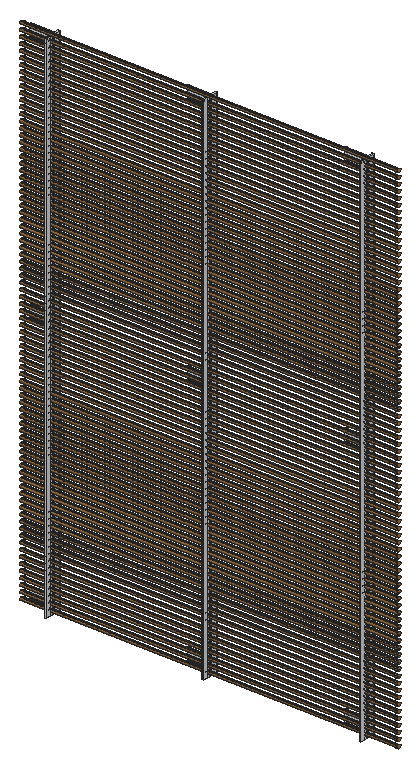
Revit family "HD014-2016.01.12-BT-Conjunto Minitubrise", category Generic Models, Revit 2016
Family settings
  Part Type = Normal
  Can host rebar = No
  Round Connector Dimension = Use Diameter
  Work Plane-Based = No
  Always vertical = Yes
  Cut with Voids When Loaded = No
  Shared = No
  Room Calculation Point = No
Parameters (values of type "Productos HD")
  paso = 20 mm
  URL = "http://www.hunterdouglas.cl/"
  Manufacturer = "Hunter Douglas"
  Largo Portapanel = 1650 mm
  Distancia  entre apoyos = [Largo Panel (Editar Largo en tipo de panel)] - 200 mm  # 1000 mm
  Description = "Minitubrise Horizontal - Paso Minimo 20 mm"
  Cantidad apoyos = (Largo Portapanel / 1000 mm) + 1  # 3
  Cantidad  Paneles = Largo Portapanel / 20 mm  # 83
  Largo Panel (Editar Largo en tipo de panel) = 1200 mm
  ID_Source = "BIMTOOL"
  ID_Objeto = "BT_F_F_018"
  BT_Web_del_Producto = "http://www.hunterdouglas.cl/ap/cl/linea/control-solar/cortasoles-lineales/minitubrise"
  BT_Uso = "Exterior"
  BT_SKU = "003617"
  BT_Profundidad = "Largo Máximo 6 mts"
  BT_Peso = "N/A"
  BT_Nombre_Tecnico = "Minitubrise Horizontal"
  BT_Nombre_Corto = "Minitubrise"
  BT_Nombre_Comercial = "Minitubrise"
  BT_Material = "Aluzinc/ Aluminio"
  BT_MasterFormat® = "08 91 19"
  BT_Marca = "Hunter Douglas"
  BT_Linea = "De Linea"
  BT_Itemizado_Estandar_CDT = "D 01 08 03"
  BT_Fabricante = "Hunter Douglas"
  BT_Especialidad = "Arquitectura"
  BT_Elemento = "Celosias y Quiebravista"
  BT_EETT = "-"
  BT_Descripcion = "Minitubrise Horizontal - Paso Minimo 20 mm"
  BT_Color = "100 colores a eleccion"
  BT_Codigo_Origen = "HD018"
  BT_Ancho = "d= 9 mm"
  BT_Alto = "d= 9 mm"
Reference planes
  plane 1 "Center (Front/Back)": y = 0
  plane 2: z = 0
  plane 3 "Center (Left/Right)": x = 0
  plane 4: x = 100
  plane 5: x = 1200
  plane 6: x = 1100
  plane 7: z = 2400
  plane 8: z = 100
Dimensions and locks
  "Distancia  entre apoyos": plane 4 to plane 6
  locked: plane 6 to plane 5 at 100
  equal spacing: group 1, group 88, group 2  (x3)
  equal spacing: group 3, group 5, group 6, group 7, group 8, group 9, group 10, group 11, group 12, group 13, group 14, group 15, group 16, group 17, group 18, group 19, group 20, group 21, group 22, group 23, group 24, group 25, group 26, group 27, group 28, group 29, group 30, group 31, group 32, group 33, group 34, group 35, group 36, group 37, group 38, group 39, group 40, group 41, group 42, group 43, group 44, group 45, group 46, group 47, group 48, group 49, group 50, group 51, group 52, group 53, group 54, group 55, group 56, group 57, group 58, group 59, group 60, group 61, group 62, group 63, group 64, group 65, group 66, group 67, group 68, group 69, group 70, group 71, group 72, group 73, group 74, group 75, group 76, group 77, group 78, group 79, group 80, group 81, group 82, group 83, group 84, group 85, group 4  (x3)
  "paso": nested 5 to nested 2
  "Largo Portapanel": nested 1 to level
  equal spacing: group 86, group 89, group 87  (x3)
  equal spacing: group 92, group 94, group 93  (x3)
  equal spacing: group 90, group 99, group 95  (x3)
  equal spacing: group 96, group 98, group 97  (x3)
  aligned and locked: level to plane 2
Nested families
  nested 1: "Portapanel Minitubrise" at (103.282, 5.766, 0) x (-1, 0, 0) z (0, 0, 1), type "Portapanel Minitubrise"
  nested 2: "Panel Minitubrise" at (8.007, 26.64, 9.796), type "Panel Minitubrise"
  nested 3: "Portapanel Minitubrise" at (1101.851, 5.766, 0) x (-1, 0, 0) z (0, 0, 1), type "Portapanel Minitubrise"
  nested 4: "Panel Minitubrise" at (8.007, 26.64, 1649.796), type "Panel Minitubrise"
  nested 5: "Panel Minitubrise" at (8.007, 26.64, 29.796), type "Panel Minitubrise"
  nested 6: "Panel Minitubrise" at (8.007, 26.64, 49.796), type "Panel Minitubrise"
  nested 7: "Panel Minitubrise" at (8.007, 26.64, 69.796), type "Panel Minitubrise"
  nested 8: "Panel Minitubrise" at (8.007, 26.64, 89.796), type "Panel Minitubrise"
  nested 9: "Panel Minitubrise" at (8.007, 26.64, 109.796), type "Panel Minitubrise"
  nested 10: "Panel Minitubrise" at (8.007, 26.64, 129.796), type "Panel Minitubrise"
  nested 11: "Panel Minitubrise" at (8.007, 26.64, 149.796), type "Panel Minitubrise"
  nested 12: "Panel Minitubrise" at (8.007, 26.64, 169.796), type "Panel Minitubrise"
  nested 13: "Panel Minitubrise" at (8.007, 26.64, 189.796), type "Panel Minitubrise"
  nested 14: "Panel Minitubrise" at (8.007, 26.64, 209.796), type "Panel Minitubrise"
  nested 15: "Panel Minitubrise" at (8.007, 26.64, 229.796), type "Panel Minitubrise"
  nested 16: "Panel Minitubrise" at (8.007, 26.64, 249.796), type "Panel Minitubrise"
  nested 17: "Panel Minitubrise" at (8.007, 26.64, 269.796), type "Panel Minitubrise"
  nested 18: "Panel Minitubrise" at (8.007, 26.64, 289.796), type "Panel Minitubrise"
  nested 19: "Panel Minitubrise" at (8.007, 26.64, 309.796), type "Panel Minitubrise"
  nested 20: "Panel Minitubrise" at (8.007, 26.64, 329.796), type "Panel Minitubrise"
  nested 21: "Panel Minitubrise" at (8.007, 26.64, 349.796), type "Panel Minitubrise"
  nested 22: "Panel Minitubrise" at (8.007, 26.64, 369.796), type "Panel Minitubrise"
  nested 23: "Panel Minitubrise" at (8.007, 26.64, 389.796), type "Panel Minitubrise"
  nested 24: "Panel Minitubrise" at (8.007, 26.64, 409.796), type "Panel Minitubrise"
  nested 25: "Panel Minitubrise" at (8.007, 26.64, 429.796), type "Panel Minitubrise"
  nested 26: "Panel Minitubrise" at (8.007, 26.64, 449.796), type "Panel Minitubrise"
  nested 27: "Panel Minitubrise" at (8.007, 26.64, 469.796), type "Panel Minitubrise"
  nested 28: "Panel Minitubrise" at (8.007, 26.64, 489.796), type "Panel Minitubrise"
  nested 29: "Panel Minitubrise" at (8.007, 26.64, 509.796), type "Panel Minitubrise"
  nested 30: "Panel Minitubrise" at (8.007, 26.64, 529.796), type "Panel Minitubrise"
  nested 31: "Panel Minitubrise" at (8.007, 26.64, 549.796), type "Panel Minitubrise"
  nested 32: "Panel Minitubrise" at (8.007, 26.64, 569.796), type "Panel Minitubrise"
  nested 33: "Panel Minitubrise" at (8.007, 26.64, 589.796), type "Panel Minitubrise"
  nested 34: "Panel Minitubrise" at (8.007, 26.64, 609.796), type "Panel Minitubrise"
  nested 35: "Panel Minitubrise" at (8.007, 26.64, 629.796), type "Panel Minitubrise"
  nested 36: "Panel Minitubrise" at (8.007, 26.64, 649.796), type "Panel Minitubrise"
  nested 37: "Panel Minitubrise" at (8.007, 26.64, 669.796), type "Panel Minitubrise"
  nested 38: "Panel Minitubrise" at (8.007, 26.64, 689.796), type "Panel Minitubrise"
  nested 39: "Panel Minitubrise" at (8.007, 26.64, 709.796), type "Panel Minitubrise"
  nested 40: "Panel Minitubrise" at (8.007, 26.64, 729.796), type "Panel Minitubrise"
  nested 41: "Panel Minitubrise" at (8.007, 26.64, 749.796), type "Panel Minitubrise"
  nested 42: "Panel Minitubrise" at (8.007, 26.64, 769.796), type "Panel Minitubrise"
  nested 43: "Panel Minitubrise" at (8.007, 26.64, 789.796), type "Panel Minitubrise"
  nested 44: "Panel Minitubrise" at (8.007, 26.64, 809.796), type "Panel Minitubrise"
  nested 45: "Panel Minitubrise" at (8.007, 26.64, 829.796), type "Panel Minitubrise"
  nested 46: "Panel Minitubrise" at (8.007, 26.64, 849.796), type "Panel Minitubrise"
  nested 47: "Panel Minitubrise" at (8.007, 26.64, 869.796), type "Panel Minitubrise"
  nested 48: "Panel Minitubrise" at (8.007, 26.64, 889.796), type "Panel Minitubrise"
  nested 49: "Panel Minitubrise" at (8.007, 26.64, 909.796), type "Panel Minitubrise"
  nested 50: "Panel Minitubrise" at (8.007, 26.64, 929.796), type "Panel Minitubrise"
  nested 51: "Panel Minitubrise" at (8.007, 26.64, 949.796), type "Panel Minitubrise"
  nested 52: "Panel Minitubrise" at (8.007, 26.64, 969.796), type "Panel Minitubrise"
  nested 53: "Panel Minitubrise" at (8.007, 26.64, 989.796), type "Panel Minitubrise"
  nested 54: "Panel Minitubrise" at (8.007, 26.64, 1009.796), type "Panel Minitubrise"
  nested 55: "Panel Minitubrise" at (8.007, 26.64, 1029.796), type "Panel Minitubrise"
  nested 56: "Panel Minitubrise" at (8.007, 26.64, 1049.796), type "Panel Minitubrise"
  nested 57: "Panel Minitubrise" at (8.007, 26.64, 1069.796), type "Panel Minitubrise"
  nested 58: "Panel Minitubrise" at (8.007, 26.64, 1089.796), type "Panel Minitubrise"
  nested 59: "Panel Minitubrise" at (8.007, 26.64, 1109.796), type "Panel Minitubrise"
  nested 60: "Panel Minitubrise" at (8.007, 26.64, 1129.796), type "Panel Minitubrise"
  nested 61: "Panel Minitubrise" at (8.007, 26.64, 1149.796), type "Panel Minitubrise"
  nested 62: "Panel Minitubrise" at (8.007, 26.64, 1169.796), type "Panel Minitubrise"
  nested 63: "Panel Minitubrise" at (8.007, 26.64, 1189.796), type "Panel Minitubrise"
  nested 64: "Panel Minitubrise" at (8.007, 26.64, 1209.796), type "Panel Minitubrise"
  nested 65: "Panel Minitubrise" at (8.007, 26.64, 1229.796), type "Panel Minitubrise"
  nested 66: "Panel Minitubrise" at (8.007, 26.64, 1249.796), type "Panel Minitubrise"
  nested 67: "Panel Minitubrise" at (8.007, 26.64, 1269.796), type "Panel Minitubrise"
  nested 68: "Panel Minitubrise" at (8.007, 26.64, 1289.796), type "Panel Minitubrise"
  nested 69: "Panel Minitubrise" at (8.007, 26.64, 1309.796), type "Panel Minitubrise"
  nested 70: "Panel Minitubrise" at (8.007, 26.64, 1329.796), type "Panel Minitubrise"
  nested 71: "Panel Minitubrise" at (8.007, 26.64, 1349.796), type "Panel Minitubrise"
  nested 72: "Panel Minitubrise" at (8.007, 26.64, 1369.796), type "Panel Minitubrise"
  nested 73: "Panel Minitubrise" at (8.007, 26.64, 1389.796), type "Panel Minitubrise"
  nested 74: "Panel Minitubrise" at (8.007, 26.64, 1409.796), type "Panel Minitubrise"
  nested 75: "Panel Minitubrise" at (8.007, 26.64, 1429.796), type "Panel Minitubrise"
  nested 76: "Panel Minitubrise" at (8.007, 26.64, 1449.796), type "Panel Minitubrise"
  nested 77: "Panel Minitubrise" at (8.007, 26.64, 1469.796), type "Panel Minitubrise"
  nested 78: "Panel Minitubrise" at (8.007, 26.64, 1489.796), type "Panel Minitubrise"
  nested 79: "Panel Minitubrise" at (8.007, 26.64, 1509.796), type "Panel Minitubrise"
  nested 80: "Panel Minitubrise" at (8.007, 26.64, 1529.796), type "Panel Minitubrise"
  nested 81: "Panel Minitubrise" at (8.007, 26.64, 1549.796), type "Panel Minitubrise"
  nested 82: "Panel Minitubrise" at (8.007, 26.64, 1569.796), type "Panel Minitubrise"
  nested 83: "Panel Minitubrise" at (8.007, 26.64, 1589.796), type "Panel Minitubrise"
  nested 84: "Panel Minitubrise" at (8.007, 26.64, 1609.796), type "Panel Minitubrise"
  nested 85: "Panel Minitubrise" at (8.007, 26.64, 1629.796), type "Panel Minitubrise"
  nested 86: "ESCUADRA PARAMETRICA" at (97.213, 57.966, 0), type "ESCUADRA PARAMETRICA"
    with LARGO 36 mm, ANCHO 1 30 mm
  nested 87: "ESCUADRA PARAMETRICA" at (97.213, 57.966, 1600), type "ESCUADRA PARAMETRICA"
    with LARGO 36 mm, ANCHO 1 30 mm
  nested 88: "Portapanel Minitubrise" at (602.566, 5.766, 0) x (-1, 0, 0) z (0, 0, 1), type "Portapanel Minitubrise"
  nested 89: "ESCUADRA PARAMETRICA" at (97.213, 57.966, 800), type "ESCUADRA PARAMETRICA"
    with LARGO 36 mm, ANCHO 1 30 mm
  nested 90: "ESCUADRA PARAMETRICA" at (97.213, 57.966, 0), type "ESCUADRA PARAMETRICA", not visible
    with LARGO 36 mm, ANCHO 1 30 mm
  nested 91: "ESCUADRA PARAMETRICA" at (1097.213, 57.966, 0), type "ESCUADRA PARAMETRICA"
    with LARGO 36 mm, ANCHO 1 30 mm
  nested 92: "ESCUADRA PARAMETRICA" at (1097.213, 57.966, 1600), type "ESCUADRA PARAMETRICA"
    with LARGO 36 mm, ANCHO 1 30 mm
  nested 93: "ESCUADRA PARAMETRICA" at (1097.213, 57.966, 800), type "ESCUADRA PARAMETRICA"
    with LARGO 36 mm, ANCHO 1 30 mm
  nested 94: "ESCUADRA PARAMETRICA" at (597.213, 57.966, 0), type "ESCUADRA PARAMETRICA"
    with LARGO 36 mm, ANCHO 1 30 mm
  nested 95: "ESCUADRA PARAMETRICA" at (597.213, 57.966, 1600), type "ESCUADRA PARAMETRICA"
    with LARGO 36 mm, ANCHO 1 30 mm
  nested 96: "ESCUADRA PARAMETRICA" at (597.213, 57.966, 800), type "ESCUADRA PARAMETRICA"
    with LARGO 36 mm, ANCHO 1 30 mm
Definition of nested family "Portapanel Minitubrise"
  Parameters (values of type "Portapanel Minitubrise")
    largo = 1650 mm
    Paso = 20 mm
    Cantidad = (largo / 20 mm) - 1  # 82
  Reference planes
    plane 1 "Center (Front/Back)": y = 0
    plane 2: z = 0
    plane 3 "Center (Left/Right)": x = 0
  Forms (mm)
    Extrusion 1, solid
      sketch origin (0, 0, 0) x (1, 0, 0) y (0, 1, 0)
        loop
          line (1.527, 0) -> (4.527, 0) -> (5.005, 6.534) -> (4.727, 7.3) -> (4.727, 11.5) -> (6.027, 11.5) -> (6.027, 47.501)
          arc (6.027, 47.501) -> (5.854, 47.855) -> (5.5, 48.001) r 0.5
          line (5.5, 48.001) -> (0.5, 48.001)
          arc (0.5, 48.001) -> (0.146, 47.855) -> (0, 47.501) r 0.5
          line (0, 47.501) -> (0, 23.82)
          arc (0, 23.82) -> (0.131, 23.397) -> (0.527, 23.2) r 0.562
          line (0.527, 23.2) -> (3.127, 23.2) -> (3.127, 19.842)
          arc (3.127, 19.842) -> (2.364, 19.226) -> (1.412, 19.464) r 1.1
          line (1.412, 19.464) -> (0.558, 20.18)
          arc (0.558, 20.18) -> (0.169, 20.03) -> (0.027, 19.637) r 0.504
          line (0.027, 19.637) -> (0.027, 11.5) -> (1.327, 11.5) -> (1.327, 7.3) -> (1.048, 6.534) -> (1.527, 0)
      from 0 to 1650
    Extrusion 2, void
      sketch origin (0, 0, 0) x (0, 1, 0) y (0, 0, 1)
        loop
          line (-1.058, 9.985) -> (16.675, 9.985)
          arc (16.675, 9.985) -> (18.911, 10.513) -> (20.675, 11.985) r 5
          line (20.675, 11.985) -> (20.675, 17.985)
          arc (20.675, 17.985) -> (18.911, 19.457) -> (16.675, 19.985) r 5
          line (16.675, 19.985) -> (-1.058, 19.985) -> (-1.058, 9.985)
      from -6.278 to 23.417
    Extrusion 3, void
      sketch origin (0, 0, 20) x (0, 1, 0) y (0, 0, 1)
        loop
          line (-1.058, 9.985) -> (16.675, 9.985)
          arc (16.675, 9.985) -> (18.911, 10.513) -> (20.675, 11.985) r 5
          line (20.675, 11.985) -> (20.675, 17.985)
          arc (20.675, 17.985) -> (18.911, 19.457) -> (16.675, 19.985) r 5
          line (16.675, 19.985) -> (-1.058, 19.985) -> (-1.058, 9.985)
      from -6.278 to 23.417
    Extrusion 4, void
      sketch origin (0, 0, 40) x (0, 1, 0) y (0, 0, 1)
        loop
          line (-1.058, 9.985) -> (16.675, 9.985)
          arc (16.675, 9.985) -> (18.911, 10.513) -> (20.675, 11.985) r 5
          line (20.675, 11.985) -> (20.675, 17.985)
          arc (20.675, 17.985) -> (18.911, 19.457) -> (16.675, 19.985) r 5
          line (16.675, 19.985) -> (-1.058, 19.985) -> (-1.058, 9.985)
      from -6.278 to 23.417
    Extrusion 5, void
      sketch origin (0, 0, 60) x (0, 1, 0) y (0, 0, 1)
        loop
          line (-1.058, 9.985) -> (16.675, 9.985)
          arc (16.675, 9.985) -> (18.911, 10.513) -> (20.675, 11.985) r 5
          line (20.675, 11.985) -> (20.675, 17.985)
          arc (20.675, 17.985) -> (18.911, 19.457) -> (16.675, 19.985) r 5
          line (16.675, 19.985) -> (-1.058, 19.985) -> (-1.058, 9.985)
      from -6.278 to 23.417
    Extrusion 6, void
      sketch origin (0, 0, 80) x (0, 1, 0) y (0, 0, 1)
        loop
          line (-1.058, 9.985) -> (16.675, 9.985)
          arc (16.675, 9.985) -> (18.911, 10.513) -> (20.675, 11.985) r 5
          line (20.675, 11.985) -> (20.675, 17.985)
          arc (20.675, 17.985) -> (18.911, 19.457) -> (16.675, 19.985) r 5
          line (16.675, 19.985) -> (-1.058, 19.985) -> (-1.058, 9.985)
      from -6.278 to 23.417
    Extrusion 7, void
      sketch origin (0, 0, 100) x (0, 1, 0) y (0, 0, 1)
        loop
          line (-1.058, 9.985) -> (16.675, 9.985)
          arc (16.675, 9.985) -> (18.911, 10.513) -> (20.675, 11.985) r 5
          line (20.675, 11.985) -> (20.675, 17.985)
          arc (20.675, 17.985) -> (18.911, 19.457) -> (16.675, 19.985) r 5
          line (16.675, 19.985) -> (-1.058, 19.985) -> (-1.058, 9.985)
      from -6.278 to 23.417
    Extrusion 8, void
      sketch origin (0, 0, 120) x (0, 1, 0) y (0, 0, 1)
        loop
          line (-1.058, 9.985) -> (16.675, 9.985)
          arc (16.675, 9.985) -> (18.911, 10.513) -> (20.675, 11.985) r 5
          line (20.675, 11.985) -> (20.675, 17.985)
          arc (20.675, 17.985) -> (18.911, 19.457) -> (16.675, 19.985) r 5
          line (16.675, 19.985) -> (-1.058, 19.985) -> (-1.058, 9.985)
      from -6.278 to 23.417
    Extrusion 9, void
      sketch origin (0, 0, 140) x (0, 1, 0) y (0, 0, 1)
        loop
          line (-1.058, 9.985) -> (16.675, 9.985)
          arc (16.675, 9.985) -> (18.911, 10.513) -> (20.675, 11.985) r 5
          line (20.675, 11.985) -> (20.675, 17.985)
          arc (20.675, 17.985) -> (18.911, 19.457) -> (16.675, 19.985) r 5
          line (16.675, 19.985) -> (-1.058, 19.985) -> (-1.058, 9.985)
      from -6.278 to 23.417
    Extrusion 10, void
      sketch origin (0, 0, 160) x (0, 1, 0) y (0, 0, 1)
        loop
          line (-1.058, 9.985) -> (16.675, 9.985)
          arc (16.675, 9.985) -> (18.911, 10.513) -> (20.675, 11.985) r 5
          line (20.675, 11.985) -> (20.675, 17.985)
          arc (20.675, 17.985) -> (18.911, 19.457) -> (16.675, 19.985) r 5
          line (16.675, 19.985) -> (-1.058, 19.985) -> (-1.058, 9.985)
      from -6.278 to 23.417
    Extrusion 11, void
      sketch origin (0, 0, 180) x (0, 1, 0) y (0, 0, 1)
        loop
          line (-1.058, 9.985) -> (16.675, 9.985)
          arc (16.675, 9.985) -> (18.911, 10.513) -> (20.675, 11.985) r 5
          line (20.675, 11.985) -> (20.675, 17.985)
          arc (20.675, 17.985) -> (18.911, 19.457) -> (16.675, 19.985) r 5
          line (16.675, 19.985) -> (-1.058, 19.985) -> (-1.058, 9.985)
      from -6.278 to 23.417
    Extrusion 12, void
      sketch origin (0, 0, 200) x (0, 1, 0) y (0, 0, 1)
        loop
          line (-1.058, 9.985) -> (16.675, 9.985)
          arc (16.675, 9.985) -> (18.911, 10.513) -> (20.675, 11.985) r 5
          line (20.675, 11.985) -> (20.675, 17.985)
          arc (20.675, 17.985) -> (18.911, 19.457) -> (16.675, 19.985) r 5
          line (16.675, 19.985) -> (-1.058, 19.985) -> (-1.058, 9.985)
      from -6.278 to 23.417
    Extrusion 13, void
      sketch origin (0, 0, 220) x (0, 1, 0) y (0, 0, 1)
        loop
          line (-1.058, 9.985) -> (16.675, 9.985)
          arc (16.675, 9.985) -> (18.911, 10.513) -> (20.675, 11.985) r 5
          line (20.675, 11.985) -> (20.675, 17.985)
          arc (20.675, 17.985) -> (18.911, 19.457) -> (16.675, 19.985) r 5
          line (16.675, 19.985) -> (-1.058, 19.985) -> (-1.058, 9.985)
      from -6.278 to 23.417
    Extrusion 14, void
      sketch origin (0, 0, 240) x (0, 1, 0) y (0, 0, 1)
        loop
          line (-1.058, 9.985) -> (16.675, 9.985)
          arc (16.675, 9.985) -> (18.911, 10.513) -> (20.675, 11.985) r 5
          line (20.675, 11.985) -> (20.675, 17.985)
          arc (20.675, 17.985) -> (18.911, 19.457) -> (16.675, 19.985) r 5
          line (16.675, 19.985) -> (-1.058, 19.985) -> (-1.058, 9.985)
      from -6.278 to 23.417
    Extrusion 15, void
      sketch origin (0, 0, 260) x (0, 1, 0) y (0, 0, 1)
        loop
          line (-1.058, 9.985) -> (16.675, 9.985)
          arc (16.675, 9.985) -> (18.911, 10.513) -> (20.675, 11.985) r 5
          line (20.675, 11.985) -> (20.675, 17.985)
          arc (20.675, 17.985) -> (18.911, 19.457) -> (16.675, 19.985) r 5
          line (16.675, 19.985) -> (-1.058, 19.985) -> (-1.058, 9.985)
      from -6.278 to 23.417
    Extrusion 16, void
      sketch origin (0, 0, 280) x (0, 1, 0) y (0, 0, 1)
        loop
          line (-1.058, 9.985) -> (16.675, 9.985)
          arc (16.675, 9.985) -> (18.911, 10.513) -> (20.675, 11.985) r 5
          line (20.675, 11.985) -> (20.675, 17.985)
          arc (20.675, 17.985) -> (18.911, 19.457) -> (16.675, 19.985) r 5
          line (16.675, 19.985) -> (-1.058, 19.985) -> (-1.058, 9.985)
      from -6.278 to 23.417
    Extrusion 17, void
      sketch origin (0, 0, 300) x (0, 1, 0) y (0, 0, 1)
        loop
          line (-1.058, 9.985) -> (16.675, 9.985)
          arc (16.675, 9.985) -> (18.911, 10.513) -> (20.675, 11.985) r 5
          line (20.675, 11.985) -> (20.675, 17.985)
          arc (20.675, 17.985) -> (18.911, 19.457) -> (16.675, 19.985) r 5
          line (16.675, 19.985) -> (-1.058, 19.985) -> (-1.058, 9.985)
      from -6.278 to 23.417
    Extrusion 18, void
      sketch origin (0, 0, 320) x (0, 1, 0) y (0, 0, 1)
        loop
          line (-1.058, 9.985) -> (16.675, 9.985)
          arc (16.675, 9.985) -> (18.911, 10.513) -> (20.675, 11.985) r 5
          line (20.675, 11.985) -> (20.675, 17.985)
          arc (20.675, 17.985) -> (18.911, 19.457) -> (16.675, 19.985) r 5
          line (16.675, 19.985) -> (-1.058, 19.985) -> (-1.058, 9.985)
      from -6.278 to 23.417
    Extrusion 19, void
      sketch origin (0, 0, 340) x (0, 1, 0) y (0, 0, 1)
        loop
          line (-1.058, 9.985) -> (16.675, 9.985)
          arc (16.675, 9.985) -> (18.911, 10.513) -> (20.675, 11.985) r 5
          line (20.675, 11.985) -> (20.675, 17.985)
          arc (20.675, 17.985) -> (18.911, 19.457) -> (16.675, 19.985) r 5
          line (16.675, 19.985) -> (-1.058, 19.985) -> (-1.058, 9.985)
      from -6.278 to 23.417
    Extrusion 20, void
      sketch origin (0, 0, 360) x (0, 1, 0) y (0, 0, 1)
        loop
          line (-1.058, 9.985) -> (16.675, 9.985)
          arc (16.675, 9.985) -> (18.911, 10.513) -> (20.675, 11.985) r 5
          line (20.675, 11.985) -> (20.675, 17.985)
          arc (20.675, 17.985) -> (18.911, 19.457) -> (16.675, 19.985) r 5
          line (16.675, 19.985) -> (-1.058, 19.985) -> (-1.058, 9.985)
      from -6.278 to 23.417
    Extrusion 21, void
      sketch origin (0, 0, 380) x (0, 1, 0) y (0, 0, 1)
        loop
          line (-1.058, 9.985) -> (16.675, 9.985)
          arc (16.675, 9.985) -> (18.911, 10.513) -> (20.675, 11.985) r 5
          line (20.675, 11.985) -> (20.675, 17.985)
          arc (20.675, 17.985) -> (18.911, 19.457) -> (16.675, 19.985) r 5
          line (16.675, 19.985) -> (-1.058, 19.985) -> (-1.058, 9.985)
      from -6.278 to 23.417
    Extrusion 22, void
      sketch origin (0, 0, 400) x (0, 1, 0) y (0, 0, 1)
        loop
          line (-1.058, 9.985) -> (16.675, 9.985)
          arc (16.675, 9.985) -> (18.911, 10.513) -> (20.675, 11.985) r 5
          line (20.675, 11.985) -> (20.675, 17.985)
          arc (20.675, 17.985) -> (18.911, 19.457) -> (16.675, 19.985) r 5
          line (16.675, 19.985) -> (-1.058, 19.985) -> (-1.058, 9.985)
      from -6.278 to 23.417
    Extrusion 23, void
      sketch origin (0, 0, 420) x (0, 1, 0) y (0, 0, 1)
        loop
          line (-1.058, 9.985) -> (16.675, 9.985)
          arc (16.675, 9.985) -> (18.911, 10.513) -> (20.675, 11.985) r 5
          line (20.675, 11.985) -> (20.675, 17.985)
          arc (20.675, 17.985) -> (18.911, 19.457) -> (16.675, 19.985) r 5
          line (16.675, 19.985) -> (-1.058, 19.985) -> (-1.058, 9.985)
      from -6.278 to 23.417
    Extrusion 24, void
      sketch origin (0, 0, 440) x (0, 1, 0) y (0, 0, 1)
        loop
          line (-1.058, 9.985) -> (16.675, 9.985)
          arc (16.675, 9.985) -> (18.911, 10.513) -> (20.675, 11.985) r 5
          line (20.675, 11.985) -> (20.675, 17.985)
          arc (20.675, 17.985) -> (18.911, 19.457) -> (16.675, 19.985) r 5
          line (16.675, 19.985) -> (-1.058, 19.985) -> (-1.058, 9.985)
      from -6.278 to 23.417
    Extrusion 25, void
      sketch origin (0, 0, 460) x (0, 1, 0) y (0, 0, 1)
        loop
          line (-1.058, 9.985) -> (16.675, 9.985)
          arc (16.675, 9.985) -> (18.911, 10.513) -> (20.675, 11.985) r 5
          line (20.675, 11.985) -> (20.675, 17.985)
          arc (20.675, 17.985) -> (18.911, 19.457) -> (16.675, 19.985) r 5
          line (16.675, 19.985) -> (-1.058, 19.985) -> (-1.058, 9.985)
      from -6.278 to 23.417
    Extrusion 26, void
      sketch origin (0, 0, 480) x (0, 1, 0) y (0, 0, 1)
        loop
          line (-1.058, 9.985) -> (16.675, 9.985)
          arc (16.675, 9.985) -> (18.911, 10.513) -> (20.675, 11.985) r 5
          line (20.675, 11.985) -> (20.675, 17.985)
          arc (20.675, 17.985) -> (18.911, 19.457) -> (16.675, 19.985) r 5
          line (16.675, 19.985) -> (-1.058, 19.985) -> (-1.058, 9.985)
      from -6.278 to 23.417
    Extrusion 27, void
      sketch origin (0, 0, 500) x (0, 1, 0) y (0, 0, 1)
        loop
          line (-1.058, 9.985) -> (16.675, 9.985)
          arc (16.675, 9.985) -> (18.911, 10.513) -> (20.675, 11.985) r 5
          line (20.675, 11.985) -> (20.675, 17.985)
          arc (20.675, 17.985) -> (18.911, 19.457) -> (16.675, 19.985) r 5
          line (16.675, 19.985) -> (-1.058, 19.985) -> (-1.058, 9.985)
      from -6.278 to 23.417
    Extrusion 28, void
      sketch origin (0, 0, 520) x (0, 1, 0) y (0, 0, 1)
        loop
          line (-1.058, 9.985) -> (16.675, 9.985)
          arc (16.675, 9.985) -> (18.911, 10.513) -> (20.675, 11.985) r 5
          line (20.675, 11.985) -> (20.675, 17.985)
          arc (20.675, 17.985) -> (18.911, 19.457) -> (16.675, 19.985) r 5
          line (16.675, 19.985) -> (-1.058, 19.985) -> (-1.058, 9.985)
      from -6.278 to 23.417
    Extrusion 29, void
      sketch origin (0, 0, 540) x (0, 1, 0) y (0, 0, 1)
        loop
          line (-1.058, 9.985) -> (16.675, 9.985)
          arc (16.675, 9.985) -> (18.911, 10.513) -> (20.675, 11.985) r 5
          line (20.675, 11.985) -> (20.675, 17.985)
          arc (20.675, 17.985) -> (18.911, 19.457) -> (16.675, 19.985) r 5
          line (16.675, 19.985) -> (-1.058, 19.985) -> (-1.058, 9.985)
      from -6.278 to 23.417
    Extrusion 30, void
      sketch origin (0, 0, 560) x (0, 1, 0) y (0, 0, 1)
        loop
          line (-1.058, 9.985) -> (16.675, 9.985)
          arc (16.675, 9.985) -> (18.911, 10.513) -> (20.675, 11.985) r 5
          line (20.675, 11.985) -> (20.675, 17.985)
          arc (20.675, 17.985) -> (18.911, 19.457) -> (16.675, 19.985) r 5
          line (16.675, 19.985) -> (-1.058, 19.985) -> (-1.058, 9.985)
      from -6.278 to 23.417
    Extrusion 31, void
      sketch origin (0, 0, 580) x (0, 1, 0) y (0, 0, 1)
        loop
          line (-1.058, 9.985) -> (16.675, 9.985)
          arc (16.675, 9.985) -> (18.911, 10.513) -> (20.675, 11.985) r 5
          line (20.675, 11.985) -> (20.675, 17.985)
          arc (20.675, 17.985) -> (18.911, 19.457) -> (16.675, 19.985) r 5
          line (16.675, 19.985) -> (-1.058, 19.985) -> (-1.058, 9.985)
      from -6.278 to 23.417
    Extrusion 32, void
      sketch origin (0, 0, 600) x (0, 1, 0) y (0, 0, 1)
        loop
          line (-1.058, 9.985) -> (16.675, 9.985)
          arc (16.675, 9.985) -> (18.911, 10.513) -> (20.675, 11.985) r 5
          line (20.675, 11.985) -> (20.675, 17.985)
          arc (20.675, 17.985) -> (18.911, 19.457) -> (16.675, 19.985) r 5
          line (16.675, 19.985) -> (-1.058, 19.985) -> (-1.058, 9.985)
      from -6.278 to 23.417
    Extrusion 33, void
      sketch origin (0, 0, 620) x (0, 1, 0) y (0, 0, 1)
        loop
          line (-1.058, 9.985) -> (16.675, 9.985)
          arc (16.675, 9.985) -> (18.911, 10.513) -> (20.675, 11.985) r 5
          line (20.675, 11.985) -> (20.675, 17.985)
          arc (20.675, 17.985) -> (18.911, 19.457) -> (16.675, 19.985) r 5
          line (16.675, 19.985) -> (-1.058, 19.985) -> (-1.058, 9.985)
      from -6.278 to 23.417
    Extrusion 34, void
      sketch origin (0, 0, 640) x (0, 1, 0) y (0, 0, 1)
        loop
          line (-1.058, 9.985) -> (16.675, 9.985)
          arc (16.675, 9.985) -> (18.911, 10.513) -> (20.675, 11.985) r 5
          line (20.675, 11.985) -> (20.675, 17.985)
          arc (20.675, 17.985) -> (18.911, 19.457) -> (16.675, 19.985) r 5
          line (16.675, 19.985) -> (-1.058, 19.985) -> (-1.058, 9.985)
      from -6.278 to 23.417
    Extrusion 35, void
      sketch origin (0, 0, 660) x (0, 1, 0) y (0, 0, 1)
        loop
          line (-1.058, 9.985) -> (16.675, 9.985)
          arc (16.675, 9.985) -> (18.911, 10.513) -> (20.675, 11.985) r 5
          line (20.675, 11.985) -> (20.675, 17.985)
          arc (20.675, 17.985) -> (18.911, 19.457) -> (16.675, 19.985) r 5
          line (16.675, 19.985) -> (-1.058, 19.985) -> (-1.058, 9.985)
      from -6.278 to 23.417
    Extrusion 36, void
      sketch origin (0, 0, 680) x (0, 1, 0) y (0, 0, 1)
        loop
          line (-1.058, 9.985) -> (16.675, 9.985)
          arc (16.675, 9.985) -> (18.911, 10.513) -> (20.675, 11.985) r 5
          line (20.675, 11.985) -> (20.675, 17.985)
          arc (20.675, 17.985) -> (18.911, 19.457) -> (16.675, 19.985) r 5
          line (16.675, 19.985) -> (-1.058, 19.985) -> (-1.058, 9.985)
      from -6.278 to 23.417
    Extrusion 37, void
      sketch origin (0, 0, 700) x (0, 1, 0) y (0, 0, 1)
        loop
          line (-1.058, 9.985) -> (16.675, 9.985)
          arc (16.675, 9.985) -> (18.911, 10.513) -> (20.675, 11.985) r 5
          line (20.675, 11.985) -> (20.675, 17.985)
          arc (20.675, 17.985) -> (18.911, 19.457) -> (16.675, 19.985) r 5
          line (16.675, 19.985) -> (-1.058, 19.985) -> (-1.058, 9.985)
      from -6.278 to 23.417
    Extrusion 38, void
      sketch origin (0, 0, 720) x (0, 1, 0) y (0, 0, 1)
        loop
          line (-1.058, 9.985) -> (16.675, 9.985)
          arc (16.675, 9.985) -> (18.911, 10.513) -> (20.675, 11.985) r 5
          line (20.675, 11.985) -> (20.675, 17.985)
          arc (20.675, 17.985) -> (18.911, 19.457) -> (16.675, 19.985) r 5
          line (16.675, 19.985) -> (-1.058, 19.985) -> (-1.058, 9.985)
      from -6.278 to 23.417
    Extrusion 39, void
      sketch origin (0, 0, 740) x (0, 1, 0) y (0, 0, 1)
        loop
          line (-1.058, 9.985) -> (16.675, 9.985)
          arc (16.675, 9.985) -> (18.911, 10.513) -> (20.675, 11.985) r 5
          line (20.675, 11.985) -> (20.675, 17.985)
          arc (20.675, 17.985) -> (18.911, 19.457) -> (16.675, 19.985) r 5
          line (16.675, 19.985) -> (-1.058, 19.985) -> (-1.058, 9.985)
      from -6.278 to 23.417
    Extrusion 40, void
      sketch origin (0, 0, 760) x (0, 1, 0) y (0, 0, 1)
        loop
          line (-1.058, 9.985) -> (16.675, 9.985)
          arc (16.675, 9.985) -> (18.911, 10.513) -> (20.675, 11.985) r 5
          line (20.675, 11.985) -> (20.675, 17.985)
          arc (20.675, 17.985) -> (18.911, 19.457) -> (16.675, 19.985) r 5
          line (16.675, 19.985) -> (-1.058, 19.985) -> (-1.058, 9.985)
      from -6.278 to 23.417
    Extrusion 41, void
      sketch origin (0, 0, 780) x (0, 1, 0) y (0, 0, 1)
        loop
          line (-1.058, 9.985) -> (16.675, 9.985)
          arc (16.675, 9.985) -> (18.911, 10.513) -> (20.675, 11.985) r 5
          line (20.675, 11.985) -> (20.675, 17.985)
          arc (20.675, 17.985) -> (18.911, 19.457) -> (16.675, 19.985) r 5
          line (16.675, 19.985) -> (-1.058, 19.985) -> (-1.058, 9.985)
      from -6.278 to 23.417
    Extrusion 42, void
      sketch origin (0, 0, 800) x (0, 1, 0) y (0, 0, 1)
        loop
          line (-1.058, 9.985) -> (16.675, 9.985)
          arc (16.675, 9.985) -> (18.911, 10.513) -> (20.675, 11.985) r 5
          line (20.675, 11.985) -> (20.675, 17.985)
          arc (20.675, 17.985) -> (18.911, 19.457) -> (16.675, 19.985) r 5
          line (16.675, 19.985) -> (-1.058, 19.985) -> (-1.058, 9.985)
      from -6.278 to 23.417
    Extrusion 43, void
      sketch origin (0, 0, 820) x (0, 1, 0) y (0, 0, 1)
        loop
          line (-1.058, 9.985) -> (16.675, 9.985)
          arc (16.675, 9.985) -> (18.911, 10.513) -> (20.675, 11.985) r 5
          line (20.675, 11.985) -> (20.675, 17.985)
          arc (20.675, 17.985) -> (18.911, 19.457) -> (16.675, 19.985) r 5
          line (16.675, 19.985) -> (-1.058, 19.985) -> (-1.058, 9.985)
      from -6.278 to 23.417
    Extrusion 44, void
      sketch origin (0, 0, 840) x (0, 1, 0) y (0, 0, 1)
        loop
          line (-1.058, 9.985) -> (16.675, 9.985)
          arc (16.675, 9.985) -> (18.911, 10.513) -> (20.675, 11.985) r 5
          line (20.675, 11.985) -> (20.675, 17.985)
          arc (20.675, 17.985) -> (18.911, 19.457) -> (16.675, 19.985) r 5
          line (16.675, 19.985) -> (-1.058, 19.985) -> (-1.058, 9.985)
      from -6.278 to 23.417
    Extrusion 45, void
      sketch origin (0, 0, 860) x (0, 1, 0) y (0, 0, 1)
        loop
          line (-1.058, 9.985) -> (16.675, 9.985)
          arc (16.675, 9.985) -> (18.911, 10.513) -> (20.675, 11.985) r 5
          line (20.675, 11.985) -> (20.675, 17.985)
          arc (20.675, 17.985) -> (18.911, 19.457) -> (16.675, 19.985) r 5
          line (16.675, 19.985) -> (-1.058, 19.985) -> (-1.058, 9.985)
      from -6.278 to 23.417
    Extrusion 46, void
      sketch origin (0, 0, 880) x (0, 1, 0) y (0, 0, 1)
        loop
          line (-1.058, 9.985) -> (16.675, 9.985)
          arc (16.675, 9.985) -> (18.911, 10.513) -> (20.675, 11.985) r 5
          line (20.675, 11.985) -> (20.675, 17.985)
          arc (20.675, 17.985) -> (18.911, 19.457) -> (16.675, 19.985) r 5
          line (16.675, 19.985) -> (-1.058, 19.985) -> (-1.058, 9.985)
      from -6.278 to 23.417
    Extrusion 47, void
      sketch origin (0, 0, 900) x (0, 1, 0) y (0, 0, 1)
        loop
          line (-1.058, 9.985) -> (16.675, 9.985)
          arc (16.675, 9.985) -> (18.911, 10.513) -> (20.675, 11.985) r 5
          line (20.675, 11.985) -> (20.675, 17.985)
          arc (20.675, 17.985) -> (18.911, 19.457) -> (16.675, 19.985) r 5
          line (16.675, 19.985) -> (-1.058, 19.985) -> (-1.058, 9.985)
      from -6.278 to 23.417
    Extrusion 48, void
      sketch origin (0, 0, 920) x (0, 1, 0) y (0, 0, 1)
        loop
          line (-1.058, 9.985) -> (16.675, 9.985)
          arc (16.675, 9.985) -> (18.911, 10.513) -> (20.675, 11.985) r 5
          line (20.675, 11.985) -> (20.675, 17.985)
          arc (20.675, 17.985) -> (18.911, 19.457) -> (16.675, 19.985) r 5
          line (16.675, 19.985) -> (-1.058, 19.985) -> (-1.058, 9.985)
      from -6.278 to 23.417
    Extrusion 49, void
      sketch origin (0, 0, 940) x (0, 1, 0) y (0, 0, 1)
        loop
          line (-1.058, 9.985) -> (16.675, 9.985)
          arc (16.675, 9.985) -> (18.911, 10.513) -> (20.675, 11.985) r 5
          line (20.675, 11.985) -> (20.675, 17.985)
          arc (20.675, 17.985) -> (18.911, 19.457) -> (16.675, 19.985) r 5
          line (16.675, 19.985) -> (-1.058, 19.985) -> (-1.058, 9.985)
      from -6.278 to 23.417
    Extrusion 50, void
      sketch origin (0, 0, 960) x (0, 1, 0) y (0, 0, 1)
        loop
          line (-1.058, 9.985) -> (16.675, 9.985)
          arc (16.675, 9.985) -> (18.911, 10.513) -> (20.675, 11.985) r 5
          line (20.675, 11.985) -> (20.675, 17.985)
          arc (20.675, 17.985) -> (18.911, 19.457) -> (16.675, 19.985) r 5
          line (16.675, 19.985) -> (-1.058, 19.985) -> (-1.058, 9.985)
      from -6.278 to 23.417
    Extrusion 51, void
      sketch origin (0, 0, 980) x (0, 1, 0) y (0, 0, 1)
        loop
          line (-1.058, 9.985) -> (16.675, 9.985)
          arc (16.675, 9.985) -> (18.911, 10.513) -> (20.675, 11.985) r 5
          line (20.675, 11.985) -> (20.675, 17.985)
          arc (20.675, 17.985) -> (18.911, 19.457) -> (16.675, 19.985) r 5
          line (16.675, 19.985) -> (-1.058, 19.985) -> (-1.058, 9.985)
      from -6.278 to 23.417
    Extrusion 52, void
      sketch origin (0, 0, 1000) x (0, 1, 0) y (0, 0, 1)
        loop
          line (-1.058, 9.985) -> (16.675, 9.985)
          arc (16.675, 9.985) -> (18.911, 10.513) -> (20.675, 11.985) r 5
          line (20.675, 11.985) -> (20.675, 17.985)
          arc (20.675, 17.985) -> (18.911, 19.457) -> (16.675, 19.985) r 5
          line (16.675, 19.985) -> (-1.058, 19.985) -> (-1.058, 9.985)
      from -6.278 to 23.417
    Extrusion 53, void
      sketch origin (0, 0, 1020) x (0, 1, 0) y (0, 0, 1)
        loop
          line (-1.058, 9.985) -> (16.675, 9.985)
          arc (16.675, 9.985) -> (18.911, 10.513) -> (20.675, 11.985) r 5
          line (20.675, 11.985) -> (20.675, 17.985)
          arc (20.675, 17.985) -> (18.911, 19.457) -> (16.675, 19.985) r 5
          line (16.675, 19.985) -> (-1.058, 19.985) -> (-1.058, 9.985)
      from -6.278 to 23.417
    Extrusion 54, void
      sketch origin (0, 0, 1040) x (0, 1, 0) y (0, 0, 1)
        loop
          line (-1.058, 9.985) -> (16.675, 9.985)
          arc (16.675, 9.985) -> (18.911, 10.513) -> (20.675, 11.985) r 5
          line (20.675, 11.985) -> (20.675, 17.985)
          arc (20.675, 17.985) -> (18.911, 19.457) -> (16.675, 19.985) r 5
          line (16.675, 19.985) -> (-1.058, 19.985) -> (-1.058, 9.985)
      from -6.278 to 23.417
    Extrusion 55, void
      sketch origin (0, 0, 1060) x (0, 1, 0) y (0, 0, 1)
        loop
          line (-1.058, 9.985) -> (16.675, 9.985)
          arc (16.675, 9.985) -> (18.911, 10.513) -> (20.675, 11.985) r 5
          line (20.675, 11.985) -> (20.675, 17.985)
          arc (20.675, 17.985) -> (18.911, 19.457) -> (16.675, 19.985) r 5
          line (16.675, 19.985) -> (-1.058, 19.985) -> (-1.058, 9.985)
      from -6.278 to 23.417
    Extrusion 56, void
      sketch origin (0, 0, 1080) x (0, 1, 0) y (0, 0, 1)
        loop
          line (-1.058, 9.985) -> (16.675, 9.985)
          arc (16.675, 9.985) -> (18.911, 10.513) -> (20.675, 11.985) r 5
          line (20.675, 11.985) -> (20.675, 17.985)
          arc (20.675, 17.985) -> (18.911, 19.457) -> (16.675, 19.985) r 5
          line (16.675, 19.985) -> (-1.058, 19.985) -> (-1.058, 9.985)
      from -6.278 to 23.417
    Extrusion 57, void
      sketch origin (0, 0, 1100) x (0, 1, 0) y (0, 0, 1)
        loop
          line (-1.058, 9.985) -> (16.675, 9.985)
          arc (16.675, 9.985) -> (18.911, 10.513) -> (20.675, 11.985) r 5
          line (20.675, 11.985) -> (20.675, 17.985)
          arc (20.675, 17.985) -> (18.911, 19.457) -> (16.675, 19.985) r 5
          line (16.675, 19.985) -> (-1.058, 19.985) -> (-1.058, 9.985)
      from -6.278 to 23.417
    Extrusion 58, void
      sketch origin (0, 0, 1120) x (0, 1, 0) y (0, 0, 1)
        loop
          line (-1.058, 9.985) -> (16.675, 9.985)
          arc (16.675, 9.985) -> (18.911, 10.513) -> (20.675, 11.985) r 5
          line (20.675, 11.985) -> (20.675, 17.985)
          arc (20.675, 17.985) -> (18.911, 19.457) -> (16.675, 19.985) r 5
          line (16.675, 19.985) -> (-1.058, 19.985) -> (-1.058, 9.985)
      from -6.278 to 23.417
    Extrusion 59, void
      sketch origin (0, 0, 1140) x (0, 1, 0) y (0, 0, 1)
        loop
          line (-1.058, 9.985) -> (16.675, 9.985)
          arc (16.675, 9.985) -> (18.911, 10.513) -> (20.675, 11.985) r 5
          line (20.675, 11.985) -> (20.675, 17.985)
          arc (20.675, 17.985) -> (18.911, 19.457) -> (16.675, 19.985) r 5
          line (16.675, 19.985) -> (-1.058, 19.985) -> (-1.058, 9.985)
      from -6.278 to 23.417
    Extrusion 60, void
      sketch origin (0, 0, 1160) x (0, 1, 0) y (0, 0, 1)
        loop
          line (-1.058, 9.985) -> (16.675, 9.985)
          arc (16.675, 9.985) -> (18.911, 10.513) -> (20.675, 11.985) r 5
          line (20.675, 11.985) -> (20.675, 17.985)
          arc (20.675, 17.985) -> (18.911, 19.457) -> (16.675, 19.985) r 5
          line (16.675, 19.985) -> (-1.058, 19.985) -> (-1.058, 9.985)
      from -6.278 to 23.417
    Extrusion 61, void
      sketch origin (0, 0, 1180) x (0, 1, 0) y (0, 0, 1)
        loop
          line (-1.058, 9.985) -> (16.675, 9.985)
          arc (16.675, 9.985) -> (18.911, 10.513) -> (20.675, 11.985) r 5
          line (20.675, 11.985) -> (20.675, 17.985)
          arc (20.675, 17.985) -> (18.911, 19.457) -> (16.675, 19.985) r 5
          line (16.675, 19.985) -> (-1.058, 19.985) -> (-1.058, 9.985)
      from -6.278 to 23.417
    Extrusion 62, void
      sketch origin (0, 0, 1200) x (0, 1, 0) y (0, 0, 1)
        loop
          line (-1.058, 9.985) -> (16.675, 9.985)
          arc (16.675, 9.985) -> (18.911, 10.513) -> (20.675, 11.985) r 5
          line (20.675, 11.985) -> (20.675, 17.985)
          arc (20.675, 17.985) -> (18.911, 19.457) -> (16.675, 19.985) r 5
          line (16.675, 19.985) -> (-1.058, 19.985) -> (-1.058, 9.985)
      from -6.278 to 23.417
    Extrusion 63, void
      sketch origin (0, 0, 1220) x (0, 1, 0) y (0, 0, 1)
        loop
          line (-1.058, 9.985) -> (16.675, 9.985)
          arc (16.675, 9.985) -> (18.911, 10.513) -> (20.675, 11.985) r 5
          line (20.675, 11.985) -> (20.675, 17.985)
          arc (20.675, 17.985) -> (18.911, 19.457) -> (16.675, 19.985) r 5
          line (16.675, 19.985) -> (-1.058, 19.985) -> (-1.058, 9.985)
      from -6.278 to 23.417
    Extrusion 64, void
      sketch origin (0, 0, 1240) x (0, 1, 0) y (0, 0, 1)
        loop
          line (-1.058, 9.985) -> (16.675, 9.985)
          arc (16.675, 9.985) -> (18.911, 10.513) -> (20.675, 11.985) r 5
          line (20.675, 11.985) -> (20.675, 17.985)
          arc (20.675, 17.985) -> (18.911, 19.457) -> (16.675, 19.985) r 5
          line (16.675, 19.985) -> (-1.058, 19.985) -> (-1.058, 9.985)
      from -6.278 to 23.417
    Extrusion 65, void
      sketch origin (0, 0, 1260) x (0, 1, 0) y (0, 0, 1)
        loop
          line (-1.058, 9.985) -> (16.675, 9.985)
          arc (16.675, 9.985) -> (18.911, 10.513) -> (20.675, 11.985) r 5
          line (20.675, 11.985) -> (20.675, 17.985)
          arc (20.675, 17.985) -> (18.911, 19.457) -> (16.675, 19.985) r 5
          line (16.675, 19.985) -> (-1.058, 19.985) -> (-1.058, 9.985)
      from -6.278 to 23.417
    Extrusion 66, void
      sketch origin (0, 0, 1280) x (0, 1, 0) y (0, 0, 1)
        loop
          line (-1.058, 9.985) -> (16.675, 9.985)
          arc (16.675, 9.985) -> (18.911, 10.513) -> (20.675, 11.985) r 5
          line (20.675, 11.985) -> (20.675, 17.985)
          arc (20.675, 17.985) -> (18.911, 19.457) -> (16.675, 19.985) r 5
          line (16.675, 19.985) -> (-1.058, 19.985) -> (-1.058, 9.985)
      from -6.278 to 23.417
    Extrusion 67, void
      sketch origin (0, 0, 1300) x (0, 1, 0) y (0, 0, 1)
        loop
          line (-1.058, 9.985) -> (16.675, 9.985)
          arc (16.675, 9.985) -> (18.911, 10.513) -> (20.675, 11.985) r 5
          line (20.675, 11.985) -> (20.675, 17.985)
          arc (20.675, 17.985) -> (18.911, 19.457) -> (16.675, 19.985) r 5
          line (16.675, 19.985) -> (-1.058, 19.985) -> (-1.058, 9.985)
      from -6.278 to 23.417
    Extrusion 68, void
      sketch origin (0, 0, 1320) x (0, 1, 0) y (0, 0, 1)
        loop
          line (-1.058, 9.985) -> (16.675, 9.985)
          arc (16.675, 9.985) -> (18.911, 10.513) -> (20.675, 11.985) r 5
          line (20.675, 11.985) -> (20.675, 17.985)
          arc (20.675, 17.985) -> (18.911, 19.457) -> (16.675, 19.985) r 5
          line (16.675, 19.985) -> (-1.058, 19.985) -> (-1.058, 9.985)
      from -6.278 to 23.417
    Extrusion 69, void
      sketch origin (0, 0, 1340) x (0, 1, 0) y (0, 0, 1)
        loop
          line (-1.058, 9.985) -> (16.675, 9.985)
          arc (16.675, 9.985) -> (18.911, 10.513) -> (20.675, 11.985) r 5
          line (20.675, 11.985) -> (20.675, 17.985)
          arc (20.675, 17.985) -> (18.911, 19.457) -> (16.675, 19.985) r 5
          line (16.675, 19.985) -> (-1.058, 19.985) -> (-1.058, 9.985)
      from -6.278 to 23.417
    Extrusion 70, void
      sketch origin (0, 0, 1360) x (0, 1, 0) y (0, 0, 1)
        loop
          line (-1.058, 9.985) -> (16.675, 9.985)
          arc (16.675, 9.985) -> (18.911, 10.513) -> (20.675, 11.985) r 5
          line (20.675, 11.985) -> (20.675, 17.985)
          arc (20.675, 17.985) -> (18.911, 19.457) -> (16.675, 19.985) r 5
          line (16.675, 19.985) -> (-1.058, 19.985) -> (-1.058, 9.985)
      from -6.278 to 23.417
    Extrusion 71, void
      sketch origin (0, 0, 1380) x (0, 1, 0) y (0, 0, 1)
        loop
          line (-1.058, 9.985) -> (16.675, 9.985)
          arc (16.675, 9.985) -> (18.911, 10.513) -> (20.675, 11.985) r 5
          line (20.675, 11.985) -> (20.675, 17.985)
          arc (20.675, 17.985) -> (18.911, 19.457) -> (16.675, 19.985) r 5
          line (16.675, 19.985) -> (-1.058, 19.985) -> (-1.058, 9.985)
      from -6.278 to 23.417
    Extrusion 72, void
      sketch origin (0, 0, 1400) x (0, 1, 0) y (0, 0, 1)
        loop
          line (-1.058, 9.985) -> (16.675, 9.985)
          arc (16.675, 9.985) -> (18.911, 10.513) -> (20.675, 11.985) r 5
          line (20.675, 11.985) -> (20.675, 17.985)
          arc (20.675, 17.985) -> (18.911, 19.457) -> (16.675, 19.985) r 5
          line (16.675, 19.985) -> (-1.058, 19.985) -> (-1.058, 9.985)
      from -6.278 to 23.417
    Extrusion 73, void
      sketch origin (0, 0, 1420) x (0, 1, 0) y (0, 0, 1)
        loop
          line (-1.058, 9.985) -> (16.675, 9.985)
          arc (16.675, 9.985) -> (18.911, 10.513) -> (20.675, 11.985) r 5
          line (20.675, 11.985) -> (20.675, 17.985)
          arc (20.675, 17.985) -> (18.911, 19.457) -> (16.675, 19.985) r 5
          line (16.675, 19.985) -> (-1.058, 19.985) -> (-1.058, 9.985)
      from -6.278 to 23.417
    Extrusion 74, void
      sketch origin (0, 0, 1440) x (0, 1, 0) y (0, 0, 1)
        loop
          line (-1.058, 9.985) -> (16.675, 9.985)
          arc (16.675, 9.985) -> (18.911, 10.513) -> (20.675, 11.985) r 5
          line (20.675, 11.985) -> (20.675, 17.985)
          arc (20.675, 17.985) -> (18.911, 19.457) -> (16.675, 19.985) r 5
          line (16.675, 19.985) -> (-1.058, 19.985) -> (-1.058, 9.985)
      from -6.278 to 23.417
    Extrusion 75, void
      sketch origin (0, 0, 1460) x (0, 1, 0) y (0, 0, 1)
        loop
          line (-1.058, 9.985) -> (16.675, 9.985)
          arc (16.675, 9.985) -> (18.911, 10.513) -> (20.675, 11.985) r 5
          line (20.675, 11.985) -> (20.675, 17.985)
          arc (20.675, 17.985) -> (18.911, 19.457) -> (16.675, 19.985) r 5
          line (16.675, 19.985) -> (-1.058, 19.985) -> (-1.058, 9.985)
      from -6.278 to 23.417
    Extrusion 76, void
      sketch origin (0, 0, 1480) x (0, 1, 0) y (0, 0, 1)
        loop
          line (-1.058, 9.985) -> (16.675, 9.985)
          arc (16.675, 9.985) -> (18.911, 10.513) -> (20.675, 11.985) r 5
          line (20.675, 11.985) -> (20.675, 17.985)
          arc (20.675, 17.985) -> (18.911, 19.457) -> (16.675, 19.985) r 5
          line (16.675, 19.985) -> (-1.058, 19.985) -> (-1.058, 9.985)
      from -6.278 to 23.417
    Extrusion 77, void
      sketch origin (0, 0, 1500) x (0, 1, 0) y (0, 0, 1)
        loop
          line (-1.058, 9.985) -> (16.675, 9.985)
          arc (16.675, 9.985) -> (18.911, 10.513) -> (20.675, 11.985) r 5
          line (20.675, 11.985) -> (20.675, 17.985)
          arc (20.675, 17.985) -> (18.911, 19.457) -> (16.675, 19.985) r 5
          line (16.675, 19.985) -> (-1.058, 19.985) -> (-1.058, 9.985)
      from -6.278 to 23.417
    Extrusion 78, void
      sketch origin (0, 0, 1520) x (0, 1, 0) y (0, 0, 1)
        loop
          line (-1.058, 9.985) -> (16.675, 9.985)
          arc (16.675, 9.985) -> (18.911, 10.513) -> (20.675, 11.985) r 5
          line (20.675, 11.985) -> (20.675, 17.985)
          arc (20.675, 17.985) -> (18.911, 19.457) -> (16.675, 19.985) r 5
          line (16.675, 19.985) -> (-1.058, 19.985) -> (-1.058, 9.985)
      from -6.278 to 23.417
    Extrusion 79, void
      sketch origin (0, 0, 1540) x (0, 1, 0) y (0, 0, 1)
        loop
          line (-1.058, 9.985) -> (16.675, 9.985)
          arc (16.675, 9.985) -> (18.911, 10.513) -> (20.675, 11.985) r 5
          line (20.675, 11.985) -> (20.675, 17.985)
          arc (20.675, 17.985) -> (18.911, 19.457) -> (16.675, 19.985) r 5
          line (16.675, 19.985) -> (-1.058, 19.985) -> (-1.058, 9.985)
      from -6.278 to 23.417
    Extrusion 80, void
      sketch origin (0, 0, 1560) x (0, 1, 0) y (0, 0, 1)
        loop
          line (-1.058, 9.985) -> (16.675, 9.985)
          arc (16.675, 9.985) -> (18.911, 10.513) -> (20.675, 11.985) r 5
          line (20.675, 11.985) -> (20.675, 17.985)
          arc (20.675, 17.985) -> (18.911, 19.457) -> (16.675, 19.985) r 5
          line (16.675, 19.985) -> (-1.058, 19.985) -> (-1.058, 9.985)
      from -6.278 to 23.417
    Extrusion 81, void
      sketch origin (0, 0, 1580) x (0, 1, 0) y (0, 0, 1)
        loop
          line (-1.058, 9.985) -> (16.675, 9.985)
          arc (16.675, 9.985) -> (18.911, 10.513) -> (20.675, 11.985) r 5
          line (20.675, 11.985) -> (20.675, 17.985)
          arc (20.675, 17.985) -> (18.911, 19.457) -> (16.675, 19.985) r 5
          line (16.675, 19.985) -> (-1.058, 19.985) -> (-1.058, 9.985)
      from -6.278 to 23.417
    Extrusion 82, void
      sketch origin (0, 0, 1600) x (0, 1, 0) y (0, 0, 1)
        loop
          line (-1.058, 9.985) -> (16.675, 9.985)
          arc (16.675, 9.985) -> (18.911, 10.513) -> (20.675, 11.985) r 5
          line (20.675, 11.985) -> (20.675, 17.985)
          arc (20.675, 17.985) -> (18.911, 19.457) -> (16.675, 19.985) r 5
          line (16.675, 19.985) -> (-1.058, 19.985) -> (-1.058, 9.985)
      from -6.278 to 23.417
    Extrusion 83, void
      sketch origin (0, 0, 1620) x (0, 1, 0) y (0, 0, 1)
        loop
          line (-1.058, 9.985) -> (16.675, 9.985)
          arc (16.675, 9.985) -> (18.911, 10.513) -> (20.675, 11.985) r 5
          line (20.675, 11.985) -> (20.675, 17.985)
          arc (20.675, 17.985) -> (18.911, 19.457) -> (16.675, 19.985) r 5
          line (16.675, 19.985) -> (-1.058, 19.985) -> (-1.058, 9.985)
      from -6.278 to 23.417
  Cuts and joins
    Extrusion 2, Extrusion 3, Extrusion 4, Extrusion 5, Extrusion 6, Extrusion 7, Extrusion 8, Extrusion 9, Extrusion 10, Extrusion 11, Extrusion 12, Extrusion 13, Extrusion 14, Extrusion 15, Extrusion 16, Extrusion 17, Extrusion 18, Extrusion 19, Extrusion 20, Extrusion 21, Extrusion 22, Extrusion 23, Extrusion 24, Extrusion 25, Extrusion 26, Extrusion 27, Extrusion 28, Extrusion 29, Extrusion 30, Extrusion 31, Extrusion 32, Extrusion 33, Extrusion 34, Extrusion 35, Extrusion 36, Extrusion 37, Extrusion 38, Extrusion 39, Extrusion 40, Extrusion 41, Extrusion 42, Extrusion 43, Extrusion 44, Extrusion 45, Extrusion 46, Extrusion 47, Extrusion 48, Extrusion 49, Extrusion 50, Extrusion 51, Extrusion 52, Extrusion 53, Extrusion 54, Extrusion 55, Extrusion 56, Extrusion 57, Extrusion 58, Extrusion 59, Extrusion 60, Extrusion 61, Extrusion 62, Extrusion 63, Extrusion 64, Extrusion 65, Extrusion 66, Extrusion 67, Extrusion 68, Extrusion 69, Extrusion 70, Extrusion 71, Extrusion 72, Extrusion 73, Extrusion 74, Extrusion 75, Extrusion 76, Extrusion 77, Extrusion 78, Extrusion 79, Extrusion 80, Extrusion 81, Extrusion 82, Extrusion 83 cuts Extrusion 1
  Dimensions and locks
    "largo": Extrusion 1 to level
    equal spacing: group 1, group 2, group 3, group 4, group 5, group 6, group 7, group 8, group 9, group 10, group 11, group 12, group 13, group 14, group 15, group 16, group 17, group 18, group 19, group 20, group 21, group 22, group 23, group 24, group 25, group 26, group 27, group 28, group 29, group 30, group 31, group 32, group 33, group 34, group 35, group 36, group 37, group 38, group 39, group 40, group 41, group 42, group 43, group 44, group 45, group 46, group 47, group 48, group 49, group 50, group 51, group 52, group 53, group 54, group 55, group 56, group 57, group 58, group 59, group 60, group 61, group 62, group 63, group 64, group 65, group 66, group 67, group 68, group 69, group 70, group 71, group 72, group 73, group 74, group 75, group 76, group 77, group 78, group 79, group 80, group 81, group 82  (x3)
    aligned and locked: level to plane 2
  Automatic sketch dimensions
    Extrusion 1 sketch curve to plane 3 "Center (Left/Right)" = 0 mm
    plane 1 "Center (Front/Back)" to Extrusion 1 sketch curve = 0 mm
    plane 3 "Center (Left/Right)" to Extrusion 1 sketch curve = 0.027 mm
    Extrusion 1 sketch curve to Extrusion 1 sketch curve = 0.5 mm  (x2)
    plane 3 "Center (Left/Right)" to Extrusion 1 sketch curve = 0.527 mm
    Extrusion 1 sketch curve to Extrusion 1 sketch curve = 0.503 mm
    Extrusion 1 sketch curve to Extrusion 1 sketch curve = 0.029 mm
    plane 3 "Center (Left/Right)" to Extrusion 1 sketch curve = 0.559 mm
    plane 3 "Center (Left/Right)" to Extrusion 1 sketch curve = 1.048 mm
    Extrusion 1 sketch curve to Extrusion 1 sketch curve = 1.3 mm  (x2)
    Extrusion 1 sketch curve to Extrusion 1 sketch curve = 0.883 mm
    plane 3 "Center (Left/Right)" to Extrusion 1 sketch curve = 1.527 mm
    Extrusion 1 sketch curve to Extrusion 1 sketch curve = 0.714 mm
    Extrusion 1 sketch curve to Extrusion 1 sketch curve = 1 mm
    Extrusion 1 sketch curve to Extrusion 1 sketch curve = 3 mm
    Extrusion 1 sketch curve to Extrusion 1 sketch curve = 3.4 mm
    Extrusion 1 sketch curve to Extrusion 1 sketch curve = 0.279 mm
    Extrusion 1 sketch curve to Extrusion 1 sketch curve = 5 mm
    Extrusion 1 sketch curve to plane 1 "Center (Front/Back)" = 6.534 mm
    Extrusion 1 sketch curve to Extrusion 1 sketch curve = 0 mm  (x2)
    Extrusion 1 sketch curve to Extrusion 1 sketch curve = 0.766 mm  (x2)
    Extrusion 1 sketch curve to Extrusion 1 sketch curve = 4.2 mm  (x2)
    Extrusion 1 sketch curve to Extrusion 1 sketch curve = 7.964 mm
    Extrusion 1 sketch curve to Extrusion 1 sketch curve = 0.174 mm
    Extrusion 1 sketch curve to Extrusion 1 sketch curve = 0.04 mm
    Extrusion 1 sketch curve to Extrusion 1 sketch curve = 0.378 mm
    Extrusion 1 sketch curve to Extrusion 1 sketch curve = 2.9 mm
    Extrusion 1 sketch curve to Extrusion 1 sketch curve = 0.561 mm
    Extrusion 1 sketch curve to Extrusion 1 sketch curve = 23.681 mm
    Extrusion 2 sketch curve to Extrusion 2 sketch curve = 0 mm  (x4)
    Extrusion 2 sketch curve to Extrusion 2 sketch curve = 4 mm
    Extrusion 2 sketch curve to Extrusion 2 sketch curve = 2 mm
    Extrusion 2 sketch curve to Extrusion 2 sketch curve = 3 mm
    Extrusion 2 sketch curve to Extrusion 2 sketch curve = 17.733 mm
    Extrusion 3 sketch curve to Extrusion 3 sketch curve = 0 mm  (x4)
    Extrusion 3 sketch curve to Extrusion 3 sketch curve = 4 mm
    Extrusion 3 sketch curve to Extrusion 3 sketch curve = 2 mm
    Extrusion 3 sketch curve to Extrusion 3 sketch curve = 3 mm
    Extrusion 3 sketch curve to Extrusion 3 sketch curve = 17.733 mm
    Extrusion 4 sketch curve to Extrusion 4 sketch curve = 0 mm  (x4)
    Extrusion 4 sketch curve to Extrusion 4 sketch curve = 4 mm
    Extrusion 4 sketch curve to Extrusion 4 sketch curve = 2 mm
    Extrusion 4 sketch curve to Extrusion 4 sketch curve = 3 mm
    Extrusion 4 sketch curve to Extrusion 4 sketch curve = 17.733 mm
    Extrusion 5 sketch curve to Extrusion 5 sketch curve = 0 mm  (x4)
    Extrusion 5 sketch curve to Extrusion 5 sketch curve = 4 mm
    Extrusion 5 sketch curve to Extrusion 5 sketch curve = 2 mm
    Extrusion 5 sketch curve to Extrusion 5 sketch curve = 3 mm
    Extrusion 5 sketch curve to Extrusion 5 sketch curve = 17.733 mm
    Extrusion 6 sketch curve to Extrusion 6 sketch curve = 0 mm  (x4)
    Extrusion 6 sketch curve to Extrusion 6 sketch curve = 4 mm
    Extrusion 6 sketch curve to Extrusion 6 sketch curve = 2 mm
    Extrusion 6 sketch curve to Extrusion 6 sketch curve = 3 mm
    Extrusion 6 sketch curve to Extrusion 6 sketch curve = 17.733 mm
    Extrusion 7 sketch curve to Extrusion 7 sketch curve = 0 mm  (x4)
    Extrusion 7 sketch curve to Extrusion 7 sketch curve = 4 mm
    Extrusion 7 sketch curve to Extrusion 7 sketch curve = 2 mm
    Extrusion 7 sketch curve to Extrusion 7 sketch curve = 3 mm
    Extrusion 7 sketch curve to Extrusion 7 sketch curve = 17.733 mm
    Extrusion 8 sketch curve to Extrusion 8 sketch curve = 0 mm  (x4)
    Extrusion 8 sketch curve to Extrusion 8 sketch curve = 4 mm
    Extrusion 8 sketch curve to Extrusion 8 sketch curve = 2 mm
    Extrusion 8 sketch curve to Extrusion 8 sketch curve = 3 mm
    Extrusion 8 sketch curve to Extrusion 8 sketch curve = 17.733 mm
    Extrusion 9 sketch curve to Extrusion 9 sketch curve = 0 mm  (x4)
    Extrusion 9 sketch curve to Extrusion 9 sketch curve = 4 mm
    Extrusion 9 sketch curve to Extrusion 9 sketch curve = 2 mm
    Extrusion 9 sketch curve to Extrusion 9 sketch curve = 3 mm
    Extrusion 9 sketch curve to Extrusion 9 sketch curve = 17.733 mm
    Extrusion 10 sketch curve to Extrusion 10 sketch curve = 0 mm  (x4)
    Extrusion 10 sketch curve to Extrusion 10 sketch curve = 4 mm
    Extrusion 10 sketch curve to Extrusion 10 sketch curve = 2 mm
    Extrusion 10 sketch curve to Extrusion 10 sketch curve = 3 mm
    Extrusion 10 sketch curve to Extrusion 10 sketch curve = 17.733 mm
    Extrusion 11 sketch curve to Extrusion 11 sketch curve = 0 mm  (x4)
    Extrusion 11 sketch curve to Extrusion 11 sketch curve = 4 mm
    Extrusion 11 sketch curve to Extrusion 11 sketch curve = 2 mm
    Extrusion 11 sketch curve to Extrusion 11 sketch curve = 3 mm
    Extrusion 11 sketch curve to Extrusion 11 sketch curve = 17.733 mm
    Extrusion 12 sketch curve to Extrusion 12 sketch curve = 0 mm  (x4)
    Extrusion 12 sketch curve to Extrusion 12 sketch curve = 4 mm
    Extrusion 12 sketch curve to Extrusion 12 sketch curve = 2 mm
    Extrusion 12 sketch curve to Extrusion 12 sketch curve = 3 mm
    Extrusion 12 sketch curve to Extrusion 12 sketch curve = 17.733 mm
    Extrusion 13 sketch curve to Extrusion 13 sketch curve = 0 mm  (x4)
    Extrusion 13 sketch curve to Extrusion 13 sketch curve = 4 mm
    Extrusion 13 sketch curve to Extrusion 13 sketch curve = 2 mm
    Extrusion 13 sketch curve to Extrusion 13 sketch curve = 3 mm
    Extrusion 13 sketch curve to Extrusion 13 sketch curve = 17.733 mm
